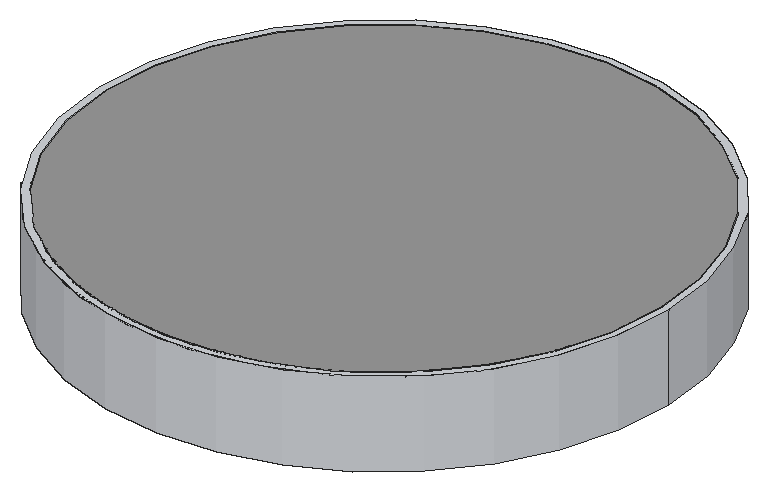
Revit family "2071128", category Lighting Fixtures, host Face, Revit 2018
Family settings
  Host = Face
  Round Connector Dimension = Use Diameter
  Part Type = Normal
  OmniClass Number = 23.80.70.00
  OmniClass Title = Lighting
  Cut with Voids When Loaded = No
  Light Source = Yes
  Shared = No
  Room Calculation Point = No
Parameters (values of type "2071128 COLOSSAL 400 940 PR DIR WHT DALI")
  iner diameter = 390 mm
  Weight = "n/a"
  Wattage Comments = ""
  Wattage = 30 W
  WarrantyStartDate [instance] = "n/a"
  WarrantyGuarantorParts = "n/a"
  WarrantyDurationUnit = "n/a"
  WarrantyDurationParts = ""
  WarrantyDescription = "http://www.sylvania-lighting.com"
  built-in parameter 1150110 = 1 (stored number, unit not read)
  Voltage = 230 V
  URL = "0.95"
  TypeName = "COLOSSAL 400mm 940 PRISM DIR WHITE DALI"
  Type Image = <None>
  Type Comments = "n/a"
  built-in parameter 1114217 = 1 (stored number, unit not read)
  Tilt Angle = -90.00°
  built-in parameter 1150109 = 1 (stored number, unit not read)
  built-in parameter 1150134 = (empty or 0)
  built-in parameter 1150113 = 1 (stored number, unit not read)
  SerialNumber [instance] = "n/a"
  Photometric Web File = "2071128.ies"
  Material_3_SYL = LED-Sylvania
  PowerFactor = 0
  PowerConsumption = "Lighting"
  NominalLength = 400 mm
  NominalHeight = 93 mm
  NominalDepth = 400 mm
  Name = "COLOSSAL 400mm 940 PRISM DIR WHITE DALI"
  ModelReference = Name  # "COLOSSAL 400mm 940 PRISM DIR WHITE DALI"
  ModelNumber = "2071128"
  Model = Name  # "COLOSSAL 400mm 940 PRISM DIR WHITE DALI"
  Material = "Feilo Sylvania"
  ManufacturerName = "103 lm/W"
  Manufacturer = ""
  LuminousEfficacy = ""
  built-in parameter 1150105 = 270.44 (stored number, unit not read)
  Lumens = 3398.4 lm
  LuminaireType = "0"
  built-in parameter 1150115 = 1 (stored number, unit not read)
  LightOutputRatio = "LED"
  built-in parameter 1150137 = (empty or 0)
  built-in parameter 1150139 = (empty or 0)
  LampsType = Lamp  # "n/a"
  LampNominalLuminous = "4000 K"
  LampMacAdamStep = "90"
  LampColourTemperature = "LED"
  LampColourRenderingIndex = "16500"
  built-in parameter 1150112 = 1 (stored number, unit not read)
  built-in parameter 1150114 = 1 (stored number, unit not read)
  Lamp = "n/a"
  Keynote = "n/a"
  InstallationDate [instance] = "n/a"
  InputVoltage = "0"
  InputNominalFrequency = "4000"
  built-in parameter 1150132 = (empty or 0)
  built-in parameter 1150102 = (empty or 0)
  built-in parameter 1150107 = 3000 (stored number, unit not read)
  built-in parameter 1150138 = (empty or 0)
  IngressProtection = "IfcLightFixtureType"
  ImpactProtectionIndex = "IfcLightFixtureType"
  built-in parameter 1150106 = 2.7044 (stored number, unit not read)
  IfcExportType = "IfcLightFixtureType"
  IfcExportAs = "Class I"
  Emit from Circle Diameter = 385 mm
  Emit Shape Visible in Rendering = no
  ElectricShockClassification = "103"
  built-in parameter 1150104 = 10.524 (stored number, unit not read)
  DocumentationLiterature = "http://www.sylvania-lighting.com/product/en-int/products/2071128"
  DimmingControlOptions = "n/a"
  Material_2_SYL = Polycarbonate_Sylvania_White
  Dimming Lamp Color Temperature Shift = <None>
  Description = "400mm diameter circular architectural luminaire, can be surface mounted or suspended. Powder coated aluminium housing (RAL9016) with PMMA prismatic diffuser. Direct light distribution, 1650lm luminuous flux, 16W system power, 103lm/W luminiaire efficacy. DALI dimmable. Colour rendering index Ra >90, 4000K Neutral White LED, chromaticity tolerance of 3-step MacAdam ellipse. IP40, IK03. 350mA drive current. UGR≤19. Electrical protection Class1, 220-240V. Reported lifetime 66k hours L90B10."
  Default Elevation = 1219.2 mm
  CreatedOn = "22/03/2022"
  CreatedBy = "@sylvania-lighting.com"
  Cost = 0
  Color Filter = 16777215
  built-in parameter 1114216 [instance] = (empty or 0)
  ClassificationValue = "EF_70_80"
  ClassificationName = "Uniclass2015"
  Material_1_SYL = Polycarbonate_Sylvania_Opal
  BarCode [instance] = "n/a"
  built-in parameter 1114218 = 1 (stored number, unit not read)
  built-in parameter 1150133 = 10 (stored number, unit not read)
  AssetType = "Fixed"
  AssetIdentifier [instance] = "n/a"
  Assembly Code = "D5020200"
  Apparent Load = 16 VA
  Material_4_SYL = none
Reference planes
  plane 1 "Center (Front/Back)": y = 0
  plane 2: z = 0
  plane 3 "Center (Left/Right)": x = 0
  plane 4: x = -200
  plane 5: x = 200
  plane 6: y = 200
  plane 7: y = -200
  plane 8: y = 236
  plane 9: y = -236
  plane 10: z = 93
  plane 11: y = 195
  plane 12: y = -195
  plane 13: y = 90.5
  plane 14: y = 144.5
  plane 15: through (52.25, 90.5, 1219.2) normal (0.866, 0.5, 0)
  plane 16: through (52.25, 90.5, 1219.2) normal (0.866, 0.5, 0)
  plane 17: through (63.706, 126.657, 1219.2) normal (0.866, 0.5, 0)
  plane 18: through (-104.5, 0, 1219.2) normal (-0.866, 0.5, 0)
  plane 19: through (-142.394, -9.633, 1219.2) normal (-0.866, 0.5, 0)
  plane 20: y = -90.5
  plane 21: y = -118.5
  plane 22: through (85.371, -141.133, 1219.2) normal (-0.866, 0.5, 0)
  plane 23: through (52.25, -90.5, 1219.2) normal (-0.866, 0.5, 0)
  plane 24: through (-161.658, 0, 1219.2) normal (0.866, 0.5, 0)
  plane 25: through (-172.12, 9.121, 1219.2) normal (0.866, 0.5, 0)
  plane 26: through (-104.5, 0, 1219.2) normal (0.866, 0.5, 0)
Forms (mm)
  Extrusion 1, solid, detail levels medium+fine
    sketch origin (0, 0, 0) x (1, 0, 0) y (0, 1, 0)
      loop
        circle (0, 0) r 200
    from 33.023 to 93
  Extrusion 2, void
    sketch origin (0, 0, 0) x (1, 0, 0) y (0, 1, 0)
      loop
        circle (0, 0) r 195
    from 93 to 37.292
  Extrusion 3, solid, material "Glass, White, High Luminance", detail levels fine
    sketch origin (0, 0, 0) x (1, 0, 0) y (0, 1, 0)
      loop
        circle (0, 0) r 195
    from 88.026 to 93
  Extrusion 4, solid, detail levels coarse
    sketch origin (0, 0, 0) x (1, 0, 0) y (0, 1, 0)
      loop
        line (-200, 200) -> (-200, -200) -> (200, -200) -> (200, 200) -> (-200, 200)
    from 0 to 93
  Blend 5, solid, detail levels medium+fine
    base sketch origin (0, 0, 0) x (1, 0, 0) y (0, 1, 0)
      loop
        line (-52.25, 90.5) -> (-104.5, 0) -> (-52.25, -90.5) -> (52.25, -90.5) -> (104.5, 0) -> (52.25, 90.5) -> (-52.25, 90.5)
    top sketch origin (0, 0, 0) x (1, 0, 0) y (0, 1, 0)
      loop
        line (-53.405, 144.5) -> (-149.245, -21.5) -> (-93.242, -118.5) -> (98.438, -118.5) -> (151.843, -26) -> (53.405, 144.5) -> (-53.405, 144.5)
    from 0 to 33.023
Cuts and joins
  Extrusion 2 cuts Extrusion 1
Dimensions and locks
  "NominalDepth": plane 6 to plane 7
  "NominalLength": plane 4 to plane 5
  equal spacing: plane 4, plane 3 "Center (Left/Right)", plane 5
  "iner diameter": plane 11 to plane 12
  equal spacing: plane 11, plane 1 "Center (Front/Back)", plane 12
  equal spacing: plane 6, plane 1 "Center (Front/Back)", plane 7
  "NominalHeight": plane 10 to level
  plane 19 to plane 18 = 28 mm
  radius of Extrusion 2 sketch curve = 195 mm
  aligned and locked: plane 2 to host face
  aligned and locked: level to host face
Automatic sketch dimensions
  host sketch curve to host sketch curve = 2438.4 mm  (x2)
  plane 1 "Center (Front/Back)" to Extrusion 1 sketch curve = 0 mm
  Extrusion 1 sketch curve to plane 3 "Center (Left/Right)" = 0 mm
  plane 1 "Center (Front/Back)" to Extrusion 2 sketch curve = 0 mm
  Extrusion 2 sketch curve to plane 3 "Center (Left/Right)" = 0 mm
  plane 1 "Center (Front/Back)" to Extrusion 3 sketch curve = 0 mm
  Extrusion 3 sketch curve to plane 3 "Center (Left/Right)" = 0 mm
  Extrusion 4 sketch curve to plane 4 = 0 mm
  Extrusion 4 sketch curve to plane 5 = 0 mm
  Extrusion 4 sketch curve to plane 7 = 0 mm
  Extrusion 4 sketch curve to plane 6 = 0 mm
  Blend 5 sketch curve to plane 19 = 0 mm  (x2)
  Blend 5 sketch curve to plane 24 = 0 mm  (x2)
  Blend 5 sketch curve to plane 21 = 0 mm
  Blend 5 sketch curve to plane 14 = 0 mm
  Blend 5 sketch curve to plane 17 = 0 mm  (x2)
  Blend 5 sketch curve to plane 22 = 0 mm  (x2)
  radius of Extrusion 1 sketch curve = 200 mm
  radius of Extrusion 3 sketch curve = 195 mm
Connectors
  electrical at (0, 0, 0), driven by "Apparent Load", driven by "PowerFactor", driven by "Voltage"
    settings: index 1, voltage 230 V, apparent load 16 VA, apparent load phase1 0 VA, apparent load phase2 0 VA, apparent load phase3 0 VA, power factor 0, load classification "Lighting", number of poles 1, system type 30, power factor state 1, is connector primary yes, connector utility no, sub classification motor no, connector description ""
